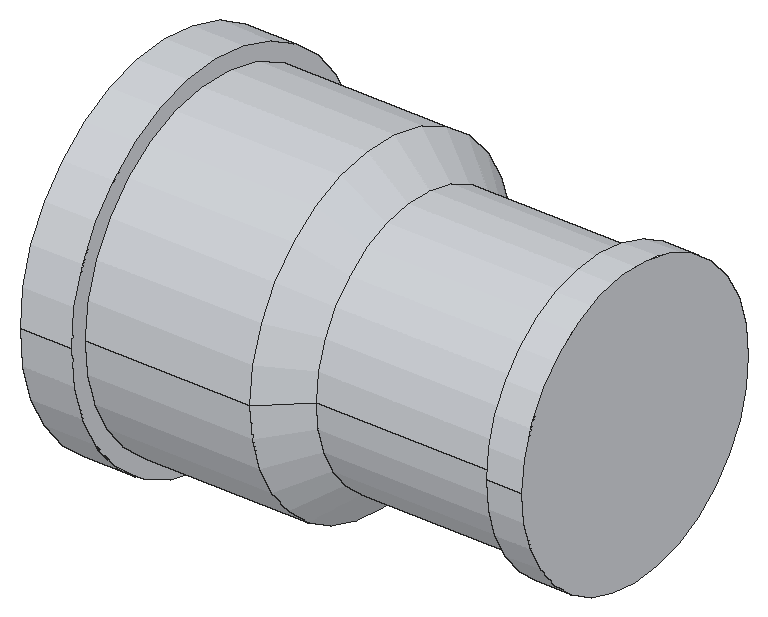
Revit family "Redutor de acoplamento - PVC - CW", category Conexões de tubo, Revit 2019
Family settings
  Cota do conector redondo = Usar raio
  Tipo de parte = Transição
  Com base no plano de trabalho = Não
  Sempre na vertical = Sim
  Corte com vazios quando carregada = Não
  Compartilhado = Não
Parameters (values of type "Padrão")
  Visibilidade 3 [instance] = Diâmetro nominal 1 < Diâmetro nominal 2  # no
  Visibilidade 2 [instance] = Diâmetro nominal 1 > Diâmetro nominal 2  # yes
  Visibilidade 1 [instance] = Diâmetro nominal 1 = Diâmetro nominal 2  # no
  built-in parameter 1114242 [instance] = (empty or 0)
  Tamanho da marca de cota 2 [instance] = Diâmetro externo da conexão 2 * 0.4  # 11.60 mm
  Tamanho da marca de cota 1 [instance] = Diâmetro externo da conexão 1 * 0.4  # 14.80 mm
  Largura do anel 2 [instance] = size_lookup(Nome da tabela de pesquisa, "RWid2", 0.0694 * Diâmetro nominal 2 + 3.57 mm, Diâmetro nominal 2)  # 4.00 mm
  Raio do anel 2 [instance] = Diâmetro do anel 2 / 2  # 15.95 mm
  Diâmetro do anel 2 [instance] = Diâmetro externo da conexão 2 * 1.1  # 31.90 mm
  Raio nominal 2 [instance] = 12.50 mm
  Diâmetro nominal 2 [instance] = Raio nominal 2 * 2  # 25.00 mm
  Model = ""
  Diâmetro nominal máx. [instance] = if(Diâmetro nominal 1 > Diâmetro nominal 2, Diâmetro nominal 1, Diâmetro nominal 2)  # 32.00 mm
  Manufacturer = ""
  Nome da tabela de pesquisa = "BR_Coupling Reducing - PVC - CW"
  Meio comprimento [instance] = Comprimento / 2  # 26.50 mm
  Comprimento de meio acessório [instance] = size_lookup(Nome da tabela de pesquisa, "HFLgt", 0.0819 * Diâmetro nominal máx., Diâmetro nominal 1, Diâmetro nominal 2)  # 2.10 mm
  Raio externo da conexão 2 [instance] = Diâmetro externo da conexão 2 / 2  # 14.50 mm
  Raio externo da conexão 1 [instance] = Diâmetro externo da conexão 1 / 2  # 18.50 mm
  Diâmetro externo da conexão 2 [instance] = size_lookup(Nome da tabela de pesquisa, "FOD", 1.064 * Diâmetro nominal 2 + 2.80 mm, Diâmetro nominal 2)  # 29.00 mm
  Diâmetro externo da conexão 1 [instance] = size_lookup(Nome da tabela de pesquisa, "FOD", 1.064 * Diâmetro nominal 1 + 2.80 mm, Diâmetro nominal 1)  # 37.00 mm
  Comprimento [instance] = size_lookup(Nome da tabela de pesquisa, "Lgt", 0.9274 * Diâmetro nominal máx. + 22.14 mm, Diâmetro nominal 1, Diâmetro nominal 2)  # 53.00 mm
  Raio nominal 1 [instance] = 16.00 mm
  Diâmetro nominal 1 [instance] = Raio nominal 1 * 2  # 32.00 mm
  Loss Method = 1
  Tabela de coeficiente K = "Transição de contração/alargamento"
  Description = ""
  Largura do anel 1 [instance] = size_lookup(Nome da tabela de pesquisa, "RWid1", 0.0694 * Diâmetro nominal 1 + 3.57 mm, Diâmetro nominal 1)  # 5.75 mm
  Raio do anel 1 [instance] = Diâmetro do anel 1 / 2  # 20.35 mm
  Diâmetro do anel 1 [instance] = Diâmetro externo da conexão 1 * 1.1  # 40.70 mm
  Type Comments = ""
Reference planes
  plane 1 "Centro (Frente/Trás)": y = 0
  plane 2: z = 0
  plane 3 "Centro (Esquerda/Direita)": x = 0
  plane 4: x = 26.5
  plane 5: x = 24.4
  plane 6: x = 28.6
  plane 7: y = 14.8
  plane 8: y = -14.8
Forms (mm)
  Sweep 1, solid, detail levels fine
    path origin (0, 0, 0) x (1, 0, 0) y (0, 1, 0)
      loop
        line (0, 0) -> (24.4, 0)
    profile origin (12.2, 0, 0) x (0, 1, 0) y (0, 0, 1)
      loop
        circle (0, 0) r 18.5
  Sweep 2, solid, detail levels fine
    path origin (0, 0, 0) x (1, 0, 0) y (0, 1, 0)
      loop
        line (0, 0) -> (5.75, 0)
    profile origin (2.875, 0, 0) x (0, 1, 0) y (0, 0, 1)
      loop
        circle (0, 0) r 20.35
  Sweep 3, solid, detail levels fine
    path origin (0, 0, 0) x (1, 0, 0) y (0, 1, 0)
      loop
        line (28.6, 0) -> (53, 0)
    profile origin (40.8, 0, 0) x (0, 1, 0) y (0, 0, 1)
      loop
        circle (0, 0) r 14.5
  Sweep 4, solid, detail levels fine
    path origin (0, 0, 0) x (1, 0, 0) y (0, 1, 0)
      loop
        line (53, 0) -> (49, 0)
    profile origin (51, 0, 0) x (0, -1, 0) y (0, 0, 1)
      loop
        circle (0, 0) r 15.95
  SweptBlend 5, solid, detail levels fine
    path origin (0, 0, 0) x (1, 0, 0) y (0, 1, 0)
      loop
        line (24.4, 0) -> (28.6, 0)
    profile origin (24.4, 0, 0) x (0, 1, 0) y (0, 0, 1)
      loop
        circle (0, 0) r 18.5
    end profile origin (28.6, 0, 0) x (0, 1, 0) y (0, 0, 1)
      loop
        circle (0, 0) r 14.5
Cuts and joins
  joined: Sweep 1, Sweep 2, Sweep 3, Sweep 4, SweptBlend 5
Lines and regions (mm)
  reference lines
    curve 1: line (0, 0, 0) -> (53, 0, 0)
  model lines, detail levels coarse+medium
    curve 2: line (0, 14.8, 0) -> (0, -14.8, 0)
    curve 8: line (53, 11.6, 0) -> (53, -11.6, 0)
  model lines, visible <- "Visibilidade 1", detail levels coarse+medium
    curve 3: line (0, 0, 0) -> (53, 0, 0)
  model lines, visible <- "Visibilidade 2", detail levels coarse+medium
    curve 4: line (0, 14.8, 0) -> (53, 0, 0)
    curve 5: line (0, -14.8, 0) -> (53, 0, 0)
  model lines, visible <- "Visibilidade 3", detail levels coarse+medium
    curve 6: line (53, 11.6, 0) -> (0, 0, 0)
    curve 7: line (53, -11.6, 0) -> (0, 0, 0)
Dimensions and locks
  "Comprimento de meio acessório": plane 5 to plane 4
  "Comprimento de meio acessório": plane 4 to plane 6
  equal spacing: plane 8, plane 1 "Centro (Frente/Trás)", plane 7
  "Tamanho da marca de cota 1": plane 1 "Centro (Frente/Trás)" to plane 7
  "Largura do anel 2": Sweep 4 sketch curve to Sweep 4 sketch curve
  "Meio comprimento": plane 3 "Centro (Esquerda/Direita)" to plane 4
  "Comprimento": plane 3 "Centro (Esquerda/Direita)" to curve 1
  "Largura do anel 1": plane 3 "Centro (Esquerda/Direita)" to Sweep 2 sketch curve
  "Tamanho da marca de cota 2": plane 1 "Centro (Frente/Trás)" to curve 8
  "Tamanho da marca de cota 2": curve 8 to plane 1 "Centro (Frente/Trás)"
  "Raio externo da conexão 1": radius of Sweep 1 sketch curve
  "Raio do anel 1": radius of Sweep 2 sketch curve
  "Raio externo da conexão 2": radius of Sweep 3 sketch curve
  "Raio do anel 2": radius of Sweep 4 sketch curve
  "Raio externo da conexão 1": radius of SweptBlend 5 sketch curve
  "Raio externo da conexão 2": radius of SweptBlend 5 sketch curve
  aligned and locked: plane 6 to Sweep 3 sketch curve
  aligned and locked: Sweep 3 to Sweep 4 sketch curve
  aligned and locked: Sweep 1 to SweptBlend 5 sketch curve
  aligned and locked: Sweep 3 to SweptBlend 5 sketch curve
  aligned and locked: curve 2 to curve 3
  aligned and locked: curve 2 to plane 3 "Centro (Esquerda/Direita)"
  aligned and locked: plane 8 to curve 2
  aligned and locked: plane 7 to curve 2
  aligned and locked: curve 8 to curve 3
Automatic sketch dimensions
  Sweep 1 sketch curve to level = 0.00 mm
  Sweep 1 sketch curve to profile plane = 0.00 mm
  plane 1 "Centro (Frente/Trás)" to Sweep 2 sketch curve = 0.00 mm
  Sweep 2 sketch curve to plane 3 "Centro (Esquerda/Direita)" = 0.00 mm
  Sweep 2 sketch curve to level = 0.00 mm
  Sweep 2 sketch curve to profile plane = 0.00 mm
  plane 1 "Centro (Frente/Trás)" to Sweep 1 sketch curve = 0.00 mm
  Sweep 1 sketch curve to plane 3 "Centro (Esquerda/Direita)" = 0.00 mm
  Sweep 1 sketch curve to plane 5 = 0.00 mm
  plane 1 "Centro (Frente/Trás)" to curve 1 = 0.00 mm
  curve 1 to plane 3 "Centro (Esquerda/Direita)" = 0.00 mm
  plane 1 "Centro (Frente/Trás)" to Sweep 3 sketch curve = 0.00 mm
  Sweep 3 sketch curve to level = 0.00 mm
  Sweep 3 sketch curve to profile plane = 0.00 mm
  plane 1 "Centro (Frente/Trás)" to Sweep 4 sketch curve = 0.00 mm
  Sweep 4 sketch curve to level = 0.00 mm
  Sweep 4 sketch curve to profile plane = 0.00 mm
  plane 1 "Centro (Frente/Trás)" to SweptBlend 5 sketch curve = 0.00 mm
  SweptBlend 5 sketch curve to level = 0.00 mm  (x2)
  SweptBlend 5 sketch curve to profile plane = 0.00 mm  (x2)
  Sweep 3 sketch curve to Sweep 3 sketch curve = 24.40 mm
  plane 1 "Centro (Frente/Trás)" to curve 3 = 0.00 mm
  plane 1 "Centro (Frente/Trás)" to curve 7 = 0.00 mm
  plane 6 to curve 6 = 24.40 mm
Connectors
  piping at (0, 0, 0), diameter 32, driven by "Raio nominal 1"
    settings: on cut or joined group of Sweep 1, Sweep 2, Sweep 3, Sweep 4, SweptBlend 5, index 1, connector inside diameter 32.00 mm, connector length 0.00 mm, flow factor 0, pipe flow 0.0 L/s, pressure drop 0.0 Pa, fitting loss kfactor 0, connector angle 0.00°, fixture units 0, engagement length 0.00 mm, angle of deflection 0.00°, flow configuration 0, flow direction 0, fitting loss method 0, system type 28, joint type 0, gender type 0, connector reference index 2, connector utility 0, adjustable connector no, is connector primary yes, connector description ""
  piping at (53, 0, 0), diameter 25, driven by "Raio nominal 2"
    settings: on cut or joined group of Sweep 1, Sweep 2, Sweep 3, Sweep 4, SweptBlend 5, index 2, connector inside diameter 25.00 mm, connector length 0.00 mm, flow factor 0, pipe flow 0.0 L/s, pressure drop 0.0 Pa, fitting loss kfactor 0, connector angle 0.00°, fixture units 0, engagement length 0.00 mm, angle of deflection 0.00°, flow configuration 0, flow direction 0, fitting loss method 0, system type 28, joint type 0, gender type 0, connector reference index 1, connector utility 0, adjustable connector no, is connector primary no, connector description ""
